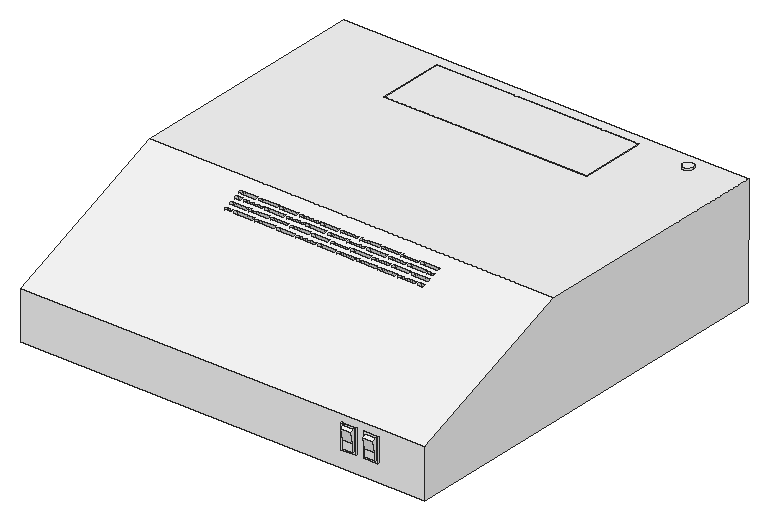
Revit family "QF_Summit_HC20WW_Under Cabinet Convertible Range Hood", category Specialty Equipment, Revit 2020
Family settings
  Round Connector Dimension = Use Diameter
  Part Type = Normal
  Work Plane-Based = No
  Always vertical = Yes
  Cut with Voids When Loaded = No
  Shared = No
  Room Calculation Point = No
Parameters
  Weight in Pounds = 11
  Watts = if(Phase = 3, Volts * FL Amps * 1.73, Volts * FL Amps)  # 195.5 W
  Volts = 115 V
  Ventilation Remarks = "Duct 3.25”x10” Rectangle or 7” Round"
  URL Cutsheet = ""
  Specification by User = ""
  Specification by Manufacturer = ""
  Serial Number = ""
  Seismic Rating = ""
  SMACNA No = ""
  Revision Code = ""
  Phase = 1
  Number of Poles = 1
  NAFEM Spec ID Number = ""
  Model = "HC20WW"
  Min Ckt Ampacity = 0 A
  Max Overcurrent Protection = 0 A
  Masterspec = ""
  Manufacturer = "Summit"
  Length = 20"
  Item Number = ""
  Installed By = ""
  Identify Quantity as Lot = yes
  Height = 5 1/2"
  HP = ""
  Furnished By = ""
  Foodservice Equipment Identifier = yes
  FL Amps = 1.7 A
  Exhaust Volume = 270 CFM
  Exhaust Vent Width = 10"
  Exhaust Vent Diameter = 0"
  Exhaust Vent Depth = 3 1/4"
  Exhaust Static Press = 0.00 in-wg
  Exhaust RI Height = 0"
  Electrical Remarks = ""
  Electric Connection Type = ""
  Elec Conn RI Height = 0"
  Elec Conn Connection Height = 0"
  Description = "Under Cabinet Convertible Range Hood"
  Depth = 20"
  Default Elevation = 0"
  Cycle = 60 Hz
  Conn Plug = ""
  Conn Conduit = yes
  CSI MasterFormat = ""
  Apparent Power = if(Phase = 3, Volts * FL Amps * 1.73, Volts * FL Amps)  # 195.5 VA
Reference planes (in)
  plane 1 "BACK": y = 0
  plane 2: z = 0
  plane 3 "LEFT": x = 0
  plane 4 "RIGHT": x = 20
  plane 5 "FRONT": y = -20
  plane 6 "TOP": z = 5.5
  plane 7 "Center Y": x = 10
  plane 8 "Center X": y = -10
  plane 9: z = 2.375
  plane 10: y = -12
  plane 11: x = 4.375
  plane 12: x = 15.625
  plane 13: x = 17.625
  plane 14: y = -14
  plane 15: x = 1.5
  plane 16: x = 18.5
  plane 17: z = 5.25339
  plane 18: z = 4.76922
  plane 19: y = -0.5
  plane 20: y = -3.75
  plane 21: y = -7.25
  plane 22: x = 5
  plane 23: x = 15
Forms (in)
  Extrusion 1, solid, material "QF_Plastic_White_Smooth"
    sketch origin (0, 0, 0) x (0, 1, 0) y (0, 0, 1)
      loop
        line (-20, 2.375) -> (-20, 0) -> (0, 0) -> (0, 5.5) -> (-12, 5.5) -> (-20, 2.375)
    from 0 to 1.5
  Extrusion 2, solid, material "QF_Plastic_White_Smooth"
    sketch origin (0, 0, 0) x (0, 1, 0) y (0, 0, 1)
      loop
        line (0, 5.5) -> (-12, 5.5) -> (-20, 2.375) -> (-20, 0) -> (-14, 0) -> (-14, 4.18196) -> (-10.81598, 5.42572) -> (-0.5, 5.42572) -> (-0.5, 0) -> (0, 0) -> (0, 5.5)
    from 0 to 20
  Extrusion 3, solid, material "QF_Plastic_White_Smooth"
    sketch origin (23.88, 0, 0) x (0, 1, 0) y (0, 0, -1)
      loop
        line (-20, -2.375) -> (-12, -5.5) -> (0, -5.5) -> (0, 0) -> (-20, 0) -> (-20, -2.375)
    from 3.88 to 5.38
  Extrusion 4, void
    sketch origin (-1.9375, -20, 2.375) x (0, -0.931457, -0.363851) y (-1, 0, 0)
      loop
        line (-7.90626, -7.01362) -> (-7.90626, -7.76633)
        arc (-7.90626, -7.76633) -> (-7.83306, -7.83953) -> (-7.75986, -7.76633) r 0.0732
        line (-7.75986, -7.76633) -> (-7.75986, -7.01362)
        arc (-7.75986, -7.01362) -> (-7.83306, -6.94042) -> (-7.90626, -7.01362) r 0.0732
      loop
        line (-7.59983, -7.01362) -> (-7.59983, -7.24289)
        arc (-7.59983, -7.24289) -> (-7.52663, -7.31609) -> (-7.45343, -7.24289) r 0.0732
        line (-7.45343, -7.24289) -> (-7.45343, -7.01362)
        arc (-7.45343, -7.01362) -> (-7.52663, -6.94042) -> (-7.59983, -7.01362) r 0.0732
      loop
        line (-7.28302, -7.01362) -> (-7.28302, -7.76633)
        arc (-7.28302, -7.76633) -> (-7.20982, -7.83953) -> (-7.13663, -7.76633) r 0.0732
        line (-7.13663, -7.76633) -> (-7.13663, -7.01362)
        arc (-7.13663, -7.01362) -> (-7.20982, -6.94042) -> (-7.28302, -7.01362) r 0.0732
      loop
        line (-6.9465, -7.01362) -> (-6.9465, -7.24289)
        arc (-6.9465, -7.24289) -> (-6.8733, -7.31609) -> (-6.8001, -7.24289) r 0.0732
        line (-6.8001, -7.24289) -> (-6.8001, -7.01362)
        arc (-6.8001, -7.01362) -> (-6.8733, -6.94042) -> (-6.9465, -7.01362) r 0.0732
      loop
        line (-7.90626, -7.96555) -> (-7.90626, -8.82763)
        arc (-7.90626, -8.82763) -> (-7.83306, -8.90083) -> (-7.75986, -8.82763) r 0.0732
        line (-7.75986, -8.82763) -> (-7.75986, -7.96555)
        arc (-7.75986, -7.96555) -> (-7.83306, -7.89235) -> (-7.90626, -7.96555) r 0.0732
      loop
        line (-7.28302, -7.96555) -> (-7.28302, -8.82763)
        arc (-7.28302, -8.82763) -> (-7.20982, -8.90083) -> (-7.13663, -8.82763) r 0.0732
        line (-7.13663, -8.82763) -> (-7.13663, -7.96555)
        arc (-7.13663, -7.96555) -> (-7.20982, -7.89235) -> (-7.28302, -7.96555) r 0.0732
      loop
        line (-7.59983, -7.44954) -> (-7.59983, -8.31162)
        arc (-7.59983, -8.31162) -> (-7.52663, -8.38482) -> (-7.45343, -8.31162) r 0.0732
        line (-7.45343, -8.31162) -> (-7.45343, -7.44954)
        arc (-7.45343, -7.44954) -> (-7.52663, -7.37634) -> (-7.59983, -7.44954) r 0.0732
      loop
        line (-6.94931, -7.44954) -> (-6.94931, -8.31162)
        arc (-6.94931, -8.31162) -> (-6.87611, -8.38482) -> (-6.80291, -8.31162) r 0.0732
        line (-6.80291, -8.31162) -> (-6.80291, -7.44954)
        arc (-6.80291, -7.44954) -> (-6.87611, -7.37634) -> (-6.94931, -7.44954) r 0.0732
      loop
        line (-7.90626, -9.02338) -> (-7.90626, -9.77608)
        arc (-7.90626, -9.77608) -> (-7.83306, -9.84928) -> (-7.75986, -9.77608) r 0.0732
        line (-7.75986, -9.77608) -> (-7.75986, -9.02338)
        arc (-7.75986, -9.02338) -> (-7.83306, -8.95018) -> (-7.90626, -9.02338) r 0.0732
      loop
        line (-7.28302, -9.02338) -> (-7.28302, -9.77608)
        arc (-7.28302, -9.77608) -> (-7.20982, -9.84928) -> (-7.13663, -9.77608) r 0.0732
        line (-7.13663, -9.77608) -> (-7.13663, -9.02338)
        arc (-7.13663, -9.02338) -> (-7.20982, -8.95018) -> (-7.28302, -9.02338) r 0.0732
      loop
        line (-7.59983, -8.50736) -> (-7.59983, -9.36945)
        arc (-7.59983, -9.36945) -> (-7.52663, -9.44265) -> (-7.45343, -9.36945) r 0.0732
        line (-7.45343, -9.36945) -> (-7.45343, -8.50736)
        arc (-7.45343, -8.50736) -> (-7.52663, -8.43417) -> (-7.59983, -8.50736) r 0.0732
      loop
        line (-6.94931, -8.50736) -> (-6.94931, -9.36945)
        arc (-6.94931, -9.36945) -> (-6.87611, -9.44265) -> (-6.80291, -9.36945) r 0.0732
        line (-6.80291, -9.36945) -> (-6.80291, -8.50736)
        arc (-6.80291, -8.50736) -> (-6.87611, -8.43417) -> (-6.94931, -8.50736) r 0.0732
      loop
        line (-7.90626, -9.9968) -> (-7.90626, -10.85888)
        arc (-7.90626, -10.85888) -> (-7.83306, -10.93208) -> (-7.75986, -10.85888) r 0.0732
        line (-7.75986, -10.85888) -> (-7.75986, -9.9968)
        arc (-7.75986, -9.9968) -> (-7.83306, -9.9236) -> (-7.90626, -9.9968) r 0.0732
      loop
        line (-7.28302, -9.9968) -> (-7.28302, -10.85888)
        arc (-7.28302, -10.85888) -> (-7.20982, -10.93208) -> (-7.13663, -10.85888) r 0.0732
        line (-7.13663, -10.85888) -> (-7.13663, -9.9968)
        arc (-7.13663, -9.9968) -> (-7.20982, -9.9236) -> (-7.28302, -9.9968) r 0.0732
      loop
        line (-7.59983, -9.57454) -> (-7.59983, -10.34287)
        arc (-7.59983, -10.34287) -> (-7.52663, -10.41607) -> (-7.45343, -10.34287) r 0.0732
        line (-7.45343, -10.34287) -> (-7.45343, -9.57454)
        arc (-7.45343, -9.57454) -> (-7.52663, -9.50134) -> (-7.59983, -9.57454) r 0.0732
      loop
        line (-6.94931, -9.57454) -> (-6.94931, -10.34287)
        arc (-6.94931, -10.34287) -> (-6.87611, -10.41607) -> (-6.80291, -10.34287) r 0.0732
        line (-6.80291, -10.34287) -> (-6.80291, -9.57454)
        arc (-6.80291, -9.57454) -> (-6.87611, -9.50134) -> (-6.94931, -9.57454) r 0.0732
      loop
        line (-7.90626, -11.05463) -> (-7.90626, -11.80733)
        arc (-7.90626, -11.80733) -> (-7.83306, -11.88053) -> (-7.75986, -11.80733) r 0.0732
        line (-7.75986, -11.80733) -> (-7.75986, -11.05463)
        arc (-7.75986, -11.05463) -> (-7.83306, -10.98143) -> (-7.90626, -11.05463) r 0.0732
      loop
        line (-7.28302, -11.05463) -> (-7.28302, -11.80733)
        arc (-7.28302, -11.80733) -> (-7.20982, -11.88053) -> (-7.13663, -11.80733) r 0.0732
        line (-7.13663, -11.80733) -> (-7.13663, -11.05463)
        arc (-7.13663, -11.05463) -> (-7.20982, -10.98143) -> (-7.28302, -11.05463) r 0.0732
      loop
        line (-7.59983, -10.53861) -> (-7.59983, -11.4007)
        arc (-7.59983, -11.4007) -> (-7.52663, -11.4739) -> (-7.45343, -11.4007) r 0.0732
        line (-7.45343, -11.4007) -> (-7.45343, -10.53861)
        arc (-7.45343, -10.53861) -> (-7.52663, -10.46542) -> (-7.59983, -10.53861) r 0.0732
      loop
        line (-6.94931, -10.53861) -> (-6.94931, -11.4007)
        arc (-6.94931, -11.4007) -> (-6.87611, -11.4739) -> (-6.80291, -11.4007) r 0.0732
        line (-6.80291, -11.4007) -> (-6.80291, -10.53861)
        arc (-6.80291, -10.53861) -> (-6.87611, -10.46542) -> (-6.94931, -10.53861) r 0.0732
      loop
        line (-7.90626, -12.02338) -> (-7.90626, -12.77608)
        arc (-7.90626, -12.77608) -> (-7.83306, -12.84928) -> (-7.75986, -12.77608) r 0.0732
        line (-7.75986, -12.77608) -> (-7.75986, -12.02338)
        arc (-7.75986, -12.02338) -> (-7.83306, -11.95018) -> (-7.90626, -12.02338) r 0.0732
      loop
        line (-7.28302, -12.02338) -> (-7.28302, -12.77608)
        arc (-7.28302, -12.77608) -> (-7.20982, -12.84928) -> (-7.13663, -12.77608) r 0.0732
        line (-7.13663, -12.77608) -> (-7.13663, -12.02338)
        arc (-7.13663, -12.02338) -> (-7.20982, -11.95018) -> (-7.28302, -12.02338) r 0.0732
      loop
        line (-7.59983, -11.61674) -> (-7.59983, -12.36945)
        arc (-7.59983, -12.36945) -> (-7.52663, -12.44265) -> (-7.45343, -12.36945) r 0.0732
        line (-7.45343, -12.36945) -> (-7.45343, -11.61674)
        arc (-7.45343, -11.61674) -> (-7.52663, -11.54354) -> (-7.59983, -11.61674) r 0.0732
      loop
        line (-6.94931, -11.61674) -> (-6.94931, -12.36945)
        arc (-6.94931, -12.36945) -> (-6.87611, -12.44265) -> (-6.80291, -12.36945) r 0.0732
        line (-6.80291, -12.36945) -> (-6.80291, -11.61674)
        arc (-6.80291, -11.61674) -> (-6.87611, -11.54354) -> (-6.94931, -11.61674) r 0.0732
      loop
        line (-7.90626, -12.9968) -> (-7.90626, -13.85888)
        arc (-7.90626, -13.85888) -> (-7.83306, -13.93208) -> (-7.75986, -13.85888) r 0.0732
        line (-7.75986, -13.85888) -> (-7.75986, -12.9968)
        arc (-7.75986, -12.9968) -> (-7.83306, -12.9236) -> (-7.90626, -12.9968) r 0.0732
      loop
        line (-7.28302, -12.9968) -> (-7.28302, -13.85888)
        arc (-7.28302, -13.85888) -> (-7.20982, -13.93208) -> (-7.13663, -13.85888) r 0.0732
        line (-7.13663, -13.85888) -> (-7.13663, -12.9968)
        arc (-7.13663, -12.9968) -> (-7.20982, -12.9236) -> (-7.28302, -12.9968) r 0.0732
      loop
        line (-7.59983, -12.57454) -> (-7.59983, -13.34287)
        arc (-7.59983, -13.34287) -> (-7.52663, -13.41607) -> (-7.45343, -13.34287) r 0.0732
        line (-7.45343, -13.34287) -> (-7.45343, -12.57454)
        arc (-7.45343, -12.57454) -> (-7.52663, -12.50134) -> (-7.59983, -12.57454) r 0.0732
      loop
        line (-6.94931, -12.57454) -> (-6.94931, -13.34287)
        arc (-6.94931, -13.34287) -> (-6.87611, -13.41607) -> (-6.80291, -13.34287) r 0.0732
        line (-6.80291, -13.34287) -> (-6.80291, -12.57454)
        arc (-6.80291, -12.57454) -> (-6.87611, -12.50134) -> (-6.94931, -12.57454) r 0.0732
      loop
        line (-7.90626, -14.05463) -> (-7.90626, -14.80733)
        arc (-7.90626, -14.80733) -> (-7.83306, -14.88053) -> (-7.75986, -14.80733) r 0.0732
        line (-7.75986, -14.80733) -> (-7.75986, -14.05463)
        arc (-7.75986, -14.05463) -> (-7.83306, -13.98143) -> (-7.90626, -14.05463) r 0.0732
      loop
        line (-7.28302, -14.05463) -> (-7.28302, -14.80733)
        arc (-7.28302, -14.80733) -> (-7.20982, -14.88053) -> (-7.13663, -14.80733) r 0.0732
        line (-7.13663, -14.80733) -> (-7.13663, -14.05463)
        arc (-7.13663, -14.05463) -> (-7.20982, -13.98143) -> (-7.28302, -14.05463) r 0.0732
      loop
        line (-7.59983, -13.53861) -> (-7.59983, -14.4007)
        arc (-7.59983, -14.4007) -> (-7.52663, -14.4739) -> (-7.45343, -14.4007) r 0.0732
        line (-7.45343, -14.4007) -> (-7.45343, -13.53861)
        arc (-7.45343, -13.53861) -> (-7.52663, -13.46542) -> (-7.59983, -13.53861) r 0.0732
      loop
        line (-6.94931, -13.53861) -> (-6.94931, -14.4007)
        arc (-6.94931, -14.4007) -> (-6.87611, -14.4739) -> (-6.80291, -14.4007) r 0.0732
        line (-6.80291, -14.4007) -> (-6.80291, -13.53861)
        arc (-6.80291, -13.53861) -> (-6.87611, -13.46542) -> (-6.94931, -13.53861) r 0.0732
      loop
        line (-7.90626, -15.02338) -> (-7.90626, -15.77608)
        arc (-7.90626, -15.77608) -> (-7.83306, -15.84928) -> (-7.75986, -15.77608) r 0.0732
        line (-7.75986, -15.77608) -> (-7.75986, -15.02338)
        arc (-7.75986, -15.02338) -> (-7.83306, -14.95018) -> (-7.90626, -15.02338) r 0.0732
      loop
        line (-7.28302, -15.02338) -> (-7.28302, -15.77608)
        arc (-7.28302, -15.77608) -> (-7.20982, -15.84928) -> (-7.13663, -15.77608) r 0.0732
        line (-7.13663, -15.77608) -> (-7.13663, -15.02338)
        arc (-7.13663, -15.02338) -> (-7.20982, -14.95018) -> (-7.28302, -15.02338) r 0.0732
      loop
        line (-7.59983, -14.62665) -> (-7.59983, -15.36945)
        arc (-7.59983, -15.36945) -> (-7.52663, -15.44265) -> (-7.45343, -15.36945) r 0.0732
        line (-7.45343, -15.36945) -> (-7.45343, -14.62665)
        arc (-7.45343, -14.62665) -> (-7.52663, -14.55345) -> (-7.59983, -14.62665) r 0.0732
      loop
        line (-6.94931, -14.6001) -> (-6.94931, -15.36945)
        arc (-6.94931, -15.36945) -> (-6.87611, -15.44265) -> (-6.80291, -15.36945) r 0.0732
        line (-6.80291, -15.36945) -> (-6.80291, -14.6001)
        arc (-6.80291, -14.6001) -> (-6.87611, -14.5269) -> (-6.94931, -14.6001) r 0.0732
      loop
        line (-7.59983, -15.57454) -> (-7.59983, -16.34287)
        arc (-7.59983, -16.34287) -> (-7.52663, -16.41607) -> (-7.45343, -16.34287) r 0.0732
        line (-7.45343, -16.34287) -> (-7.45343, -15.57454)
        arc (-7.45343, -15.57454) -> (-7.52663, -15.50134) -> (-7.59983, -15.57454) r 0.0732
      loop
        line (-6.94931, -15.57454) -> (-6.94931, -16.34287)
        arc (-6.94931, -16.34287) -> (-6.87611, -16.41607) -> (-6.80291, -16.34287) r 0.0732
        line (-6.80291, -16.34287) -> (-6.80291, -15.57454)
        arc (-6.80291, -15.57454) -> (-6.87611, -15.50134) -> (-6.94931, -15.57454) r 0.0732
      loop
        line (-7.90626, -15.99213) -> (-7.90626, -16.74483)
        arc (-7.90626, -16.74483) -> (-7.83306, -16.81803) -> (-7.75986, -16.74483) r 0.0732
        line (-7.75986, -16.74483) -> (-7.75986, -15.99213)
        arc (-7.75986, -15.99213) -> (-7.83306, -15.91893) -> (-7.90626, -15.99213) r 0.0732
      loop
        line (-7.28302, -15.99213) -> (-7.28302, -16.74483)
        arc (-7.28302, -16.74483) -> (-7.20982, -16.81803) -> (-7.13663, -16.74483) r 0.0732
        line (-7.13663, -16.74483) -> (-7.13663, -15.99213)
        arc (-7.13663, -15.99213) -> (-7.20982, -15.91893) -> (-7.28302, -15.99213) r 0.0732
      loop
        line (-7.59983, -16.54576) -> (-7.59983, -16.75159)
        arc (-7.59983, -16.75159) -> (-7.52663, -16.82479) -> (-7.45343, -16.75159) r 0.0732
        line (-7.45343, -16.75159) -> (-7.45343, -16.54576)
        arc (-7.45343, -16.54576) -> (-7.52663, -16.47256) -> (-7.59983, -16.54576) r 0.0732
      loop
        line (-6.94931, -16.54576) -> (-6.94931, -16.75159)
        arc (-6.94931, -16.75159) -> (-6.87611, -16.82479) -> (-6.80291, -16.75159) r 0.0732
        line (-6.80291, -16.75159) -> (-6.80291, -16.54576)
        arc (-6.80291, -16.54576) -> (-6.87611, -16.47256) -> (-6.94931, -16.54576) r 0.0732
    from 0 to 0.5
  Extrusion 5, solid, material "QF_Plastic_White_Smooth"
    sketch origin (0, 0, 0) x (1, 0, 0) y (0, 1, 0)
      loop
        arc (6.5, -3.75) -> (10, -7.25) -> (13.5, -3.75) r 3.5
        line (13.5, -3.75) -> (6.5, -3.75)
    from 2.375 to 5.42572
  Extrusion 6, solid, material "QF_Plastic_White_Smooth"
    sketch origin (0, 0, 0) x (1, 0, 0) y (0, 1, 0)
      loop
        line (5, -0.5) -> (5, -3.75) -> (15, -3.75) -> (15, -0.5) -> (5, -0.5)
      loop
        line (5.25, -3.5) -> (14.75, -3.5) -> (14.75, -0.75) -> (5.25, -0.75) -> (5.25, -3.5)
    from 2.375 to 5.42572
  Extrusion 7, solid, material "QF_Plastic_White_Smooth"
    sketch origin (0, 0, 0) x (1, 0, 0) y (0, 1, 0)
      loop
        line (4.375, -0.5) -> (4.375, -14) -> (15.625, -14) -> (15.625, -0.5) -> (4.375, -0.5)
      loop
        line (4.625, -13.75) -> (15.375, -13.75) -> (15.375, -0.75) -> (4.625, -0.75) -> (4.625, -13.75)
    from 2.375 to 5
  Extrusion 8, void
    sketch origin (20, 0, 0) x (0, -1, 0) y (0, 0, 1)
      loop
        line (10.81598, 5.42572) -> (14, 4.18196) -> (14.15581, 4.18196) -> (14.15581, 5.58943) -> (10.81598, 5.58943) -> (10.81598, 5.42572)
    from 4.375 to 15.625
  Extrusion 9, void
    sketch origin (0, 0, 2.375) x (1, 0, 0) y (0, 1, 0)
      loop
        line (15, -3.75) -> (15, -0.5) -> (5, -0.5) -> (5, -3.75) -> (15, -3.75)
    from 3.05072 to 3.125
  Extrusion 10, solid, material "QF_Plastic_White_Smooth"
    sketch origin (-1.94, -12, 5.5) x (0, 1, 0) y (-1, 0, 0)
      loop
        line (8.25, -6.94) -> (8.25, -16.94) -> (11.5, -16.94) -> (11.5, -6.94) -> (8.25, -6.94)
    from 0 to -0.07428
  Extrusion 11, solid, material "QF_Plastic_White_Smooth"
    sketch origin (0, 0, 0) x (1, 0, 0) y (0, 1, 0)
      loop
        circle (17.625, -0.76172) r 0.25
    from 5.5 to 5.57173
  Extrusion 12, solid, material "QF_Plastic_White_Smooth"
    sketch origin (-3.85996, -20, 0.26563) x (0, 0, 1) y (-1, 0, 0)
      loop
        line (1.78125, -21.57157) -> (1.78125, -20.86312) -> (0.59375, -20.86312) -> (0.59375, -21.57157) -> (1.78125, -21.57157)
      loop
        line (1.78125, -20.47782) -> (1.78125, -19.76937) -> (0.59375, -19.76937) -> (0.59375, -20.47782) -> (1.78125, -20.47782)
    from 0 to 0.04539
  Extrusion 13, solid, material "QF_Plastic_White_Smooth"
    sketch origin (20.84816, 0, 0.26563) x (0, 1, 0) y (0, 0, 1)
      loop
        line (-20.04539, 1.70684) -> (-20.22258, 1.62421) -> (-20.09635, 1.07743) -> (-20.09635, 0.69669) -> (-20.04539, 0.69669) -> (-20.04539, 1.70684)
    from -3.74849 to -3.22316
  Extrusion 14, solid, material "QF_Plastic_White_Smooth"
    sketch origin (19.75441, 0, 0.26563) x (0, 1, 0) y (0, 0, 1)
      loop
        line (-20.04539, 1.70684) -> (-20.22258, 1.62421) -> (-20.09635, 1.07743) -> (-20.09635, 0.69669) -> (-20.04539, 0.69669) -> (-20.04539, 1.70684)
    from -3.74849 to -3.22316
Cuts and joins
  Extrusion 4, Extrusion 9 cuts Extrusion 1
  Extrusion 4, Extrusion 9 cuts Extrusion 2
  Extrusion 4, Extrusion 9 cuts Extrusion 3
  Extrusion 9 cuts Extrusion 6
  joined: Extrusion 1, Extrusion 2, Extrusion 3, Extrusion 5, Extrusion 6
  Extrusion 8 cuts Extrusion 7
Lines and regions (in)
  symbolic lines
    curve 1: line (0, 0, 0) -> (0, -20, 0)
    curve 2: line (0, -12, 0) -> (20, -12, 0)
    curve 3: line (20, -20, 0) -> (20, 0, 0)
    curve 4: line (20, 0, 0) -> (0, 0, 0)
    curve 5: line (0, -20, 0) -> (20, -20, 0)
    curve 6: line (5.07362, -12.63566, 0) -> (5.82633, -12.63566, 0)
    curve 7: spline (5.82633, -12.63566, 0) -> (5.84527, -12.63798, 0) -> (5.86293, -12.6448, 0) -> (5.87809, -12.65563, 0) -> (5.88972, -12.66975, 0) -> (5.89703, -12.6862, 0) -> (5.89953, -12.70384, 0) -> (5.89703, -12.72149, 0) -> (5.88972, -12.73793, 0) -> (5.87809, -12.75205, 0) -> (5.86293, -12.76289, 0) -> (5.84527, -12.7697, 0) -> (5.82633, -12.77202, 0)
    curve 8: line (5.82633, -12.77202, 0) -> (5.07362, -12.77202, 0)
    curve 9: spline (5.07362, -12.77202, 0) -> (5.05468, -12.7697, 0) -> (5.03702, -12.76289, 0) -> (5.02186, -12.75205, 0) -> (5.01023, -12.73793, 0) -> (5.00292, -12.72149, 0) -> (5.00042, -12.70384, 0) -> (5.00292, -12.6862, 0) -> (5.01023, -12.66975, 0) -> (5.02186, -12.65563, 0) -> (5.03702, -12.6448, 0) -> (5.05468, -12.63798, 0) -> (5.07362, -12.63566, 0)
    curve 10: spline (5.30289, -12.92108, 0) -> (5.32184, -12.9234, 0) -> (5.33949, -12.93022, 0) -> (5.35465, -12.94105, 0) -> (5.36628, -12.95517, 0) -> (5.3736, -12.97162, 0) -> (5.37609, -12.98926, 0) -> (5.3736, -13.00691, 0) -> (5.36628, -13.02335, 0) -> (5.35465, -13.03747, 0) -> (5.33949, -13.04831, 0) -> (5.32184, -13.05512, 0) -> (5.30289, -13.05744, 0)
    curve 11: line (5.30289, -13.05744, 0) -> (5.07362, -13.05744, 0)
    curve 12: spline (5.07362, -13.05744, 0) -> (5.05468, -13.05512, 0) -> (5.03702, -13.04831, 0) -> (5.02186, -13.03747, 0) -> (5.01023, -13.02335, 0) -> (5.00292, -13.00691, 0) -> (5.00042, -12.98926, 0) -> (5.00292, -12.97162, 0) -> (5.01023, -12.95517, 0) -> (5.02186, -12.94105, 0) -> (5.03702, -12.93022, 0) -> (5.05468, -12.9234, 0) -> (5.07362, -12.92108, 0)
    curve 13: line (5.07362, -12.92108, 0) -> (5.30289, -12.92108, 0)
    curve 14: line (5.07362, -13.21617, 0) -> (5.82633, -13.21617, 0)
    curve 15: spline (5.82633, -13.21617, 0) -> (5.84527, -13.2185, 0) -> (5.86293, -13.22531, 0) -> (5.87809, -13.23614, 0) -> (5.88972, -13.25027, 0) -> (5.89703, -13.26671, 0) -> (5.89953, -13.28436, 0) -> (5.89703, -13.302, 0) -> (5.88972, -13.31845, 0) -> (5.87809, -13.33257, 0) -> (5.86293, -13.3434, 0) -> (5.84527, -13.35021, 0) -> (5.82633, -13.35254, 0)
    curve 16: line (5.82633, -13.35254, 0) -> (5.07362, -13.35254, 0)
    curve 17: spline (5.07362, -13.35254, 0) -> (5.05468, -13.35021, 0) -> (5.03702, -13.3434, 0) -> (5.02186, -13.33257, 0) -> (5.01023, -13.31845, 0) -> (5.00292, -13.302, 0) -> (5.00042, -13.28436, 0) -> (5.00292, -13.26671, 0) -> (5.01023, -13.25027, 0) -> (5.02186, -13.23614, 0) -> (5.03702, -13.22531, 0) -> (5.05468, -13.2185, 0) -> (5.07362, -13.21617, 0)
    curve 18: spline (5.30289, -13.52963, 0) -> (5.32184, -13.53196, 0) -> (5.33949, -13.53877, 0) -> (5.35465, -13.5496, 0) -> (5.36628, -13.56372, 0) -> (5.3736, -13.58017, 0) -> (5.37609, -13.59781, 0) -> (5.3736, -13.61546, 0) -> (5.36628, -13.6319, 0) -> (5.35465, -13.64603, 0) -> (5.33949, -13.65686, 0) -> (5.32184, -13.66367, 0) -> (5.30289, -13.666, 0)
    curve 19: line (5.30289, -13.666, 0) -> (5.07362, -13.666, 0)
    curve 20: spline (5.07362, -13.666, 0) -> (5.05468, -13.66367, 0) -> (5.03702, -13.65686, 0) -> (5.02186, -13.64603, 0) -> (5.01023, -13.6319, 0) -> (5.00292, -13.61546, 0) -> (5.00042, -13.59781, 0) -> (5.00292, -13.58017, 0) -> (5.01023, -13.56372, 0) -> (5.02186, -13.5496, 0) -> (5.03702, -13.53877, 0) -> (5.05468, -13.53196, 0) -> (5.07362, -13.52963, 0)
    curve 21: line (5.07362, -13.52963, 0) -> (5.30289, -13.52963, 0)
    curve 22: line (5.50954, -13.52702, 0) -> (6.37162, -13.52702, 0)
    curve 23: spline (6.37162, -13.52702, 0) -> (6.39056, -13.52934, 0) -> (6.40822, -13.53615, 0) -> (6.42338, -13.54699, 0) -> (6.43501, -13.56111, 0) -> (6.44232, -13.57755, 0) -> (6.44482, -13.5952, 0) -> (6.44232, -13.61285, 0) -> (6.43501, -13.62929, 0) -> (6.42338, -13.64341, 0) -> (6.40822, -13.65425, 0) -> (6.39056, -13.66106, 0) -> (6.37162, -13.66338, 0)
    curve 24: line (6.37162, -13.66338, 0) -> (5.50954, -13.66338, 0)
    curve 25: spline (5.50954, -13.66338, 0) -> (5.49059, -13.66106, 0) -> (5.47294, -13.65425, 0) -> (5.45778, -13.64341, 0) -> (5.44614, -13.62929, 0) -> (5.43883, -13.61285, 0) -> (5.43634, -13.5952, 0) -> (5.43883, -13.57755, 0) -> (5.44614, -13.56111, 0) -> (5.45778, -13.54699, 0) -> (5.47294, -13.53615, 0) -> (5.49059, -13.52934, 0) -> (5.50954, -13.52702, 0)
    curve 26: line (6.37162, -13.05744, 0) -> (5.50954, -13.05744, 0)
    curve 27: spline (5.50954, -13.05744, 0) -> (5.49059, -13.05512, 0) -> (5.47294, -13.04831, 0) -> (5.45778, -13.03747, 0) -> (5.44614, -13.02335, 0) -> (5.43883, -13.00691, 0) -> (5.43634, -12.98926, 0) -> (5.43883, -12.97162, 0) -> (5.44614, -12.95517, 0) -> (5.45778, -12.94105, 0) -> (5.47294, -12.93022, 0) -> (5.49059, -12.9234, 0) -> (5.50954, -12.92108, 0)
    curve 28: line (5.50954, -12.92108, 0) -> (6.37162, -12.92108, 0)
    curve 29: spline (6.37162, -12.92108, 0) -> (6.39056, -12.9234, 0) -> (6.40822, -12.93022, 0) -> (6.42338, -12.94105, 0) -> (6.43501, -12.95517, 0) -> (6.44232, -12.97162, 0) -> (6.44482, -12.98926, 0) -> (6.44232, -13.00691, 0) -> (6.43501, -13.02335, 0) -> (6.42338, -13.03747, 0) -> (6.40822, -13.04831, 0) -> (6.39056, -13.05512, 0) -> (6.37162, -13.05744, 0)
    curve 30: line (6.88763, -12.77202, 0) -> (6.02555, -12.77202, 0)
    curve 31: spline (6.02555, -12.77202, 0) -> (6.0066, -12.7697, 0) -> (5.98895, -12.76289, 0) -> (5.97379, -12.75205, 0) -> (5.96216, -12.73793, 0) -> (5.95484, -12.72149, 0) -> (5.95235, -12.70384, 0) -> (5.95484, -12.6862, 0) -> (5.96216, -12.66975, 0) -> (5.97379, -12.65563, 0) -> (5.98895, -12.6448, 0) -> (6.0066, -12.63798, 0) -> (6.02555, -12.63566, 0)
    curve 32: line (6.02555, -12.63566, 0) -> (6.88763, -12.63566, 0)
    curve 33: spline (6.88763, -12.63566, 0) -> (6.90657, -12.63798, 0) -> (6.92423, -12.6448, 0) -> (6.93939, -12.65563, 0) -> (6.95102, -12.66975, 0) -> (6.95833, -12.6862, 0) -> (6.96083, -12.70384, 0) -> (6.95833, -12.72149, 0) -> (6.95102, -12.73793, 0) -> (6.93939, -12.75205, 0) -> (6.92423, -12.76289, 0) -> (6.90657, -12.7697, 0) -> (6.88763, -12.77202, 0)
    curve 34: line (6.56736, -12.92108, 0) -> (7.42945, -12.92108, 0)
    curve 35: spline (7.42945, -12.92108, 0) -> (7.44839, -12.9234, 0) -> (7.46605, -12.93022, 0) -> (7.48121, -12.94105, 0) -> (7.49284, -12.95517, 0) -> (7.50015, -12.97162, 0) -> (7.50265, -12.98926, 0) -> (7.50015, -13.00691, 0) -> (7.49284, -13.02335, 0) -> (7.48121, -13.03747, 0) -> (7.46605, -13.04831, 0) -> (7.44839, -13.05512, 0) -> (7.42945, -13.05744, 0)
    curve 36: line (7.42945, -13.05744, 0) -> (6.56736, -13.05744, 0)
    curve 37: spline (6.56736, -13.05744, 0) -> (6.54842, -13.05512, 0) -> (6.53076, -13.04831, 0) -> (6.5156, -13.03747, 0) -> (6.50397, -13.02335, 0) -> (6.49666, -13.00691, 0) -> (6.49417, -12.98926, 0) -> (6.49666, -12.97162, 0) -> (6.50397, -12.95517, 0) -> (6.5156, -12.94105, 0) -> (6.53076, -12.93022, 0) -> (6.54842, -12.9234, 0) -> (6.56736, -12.92108, 0)
    curve 38: line (6.02555, -13.21617, 0) -> (6.88763, -13.21617, 0)
    curve 39: spline (6.88763, -13.21617, 0) -> (6.90657, -13.2185, 0) -> (6.92423, -13.22531, 0) -> (6.93939, -13.23614, 0) -> (6.95102, -13.25027, 0) -> (6.95833, -13.26671, 0) -> (6.96083, -13.28436, 0) -> (6.95833, -13.302, 0) -> (6.95102, -13.31845, 0) -> (6.93939, -13.33257, 0) -> (6.92423, -13.3434, 0) -> (6.90657, -13.35021, 0) -> (6.88763, -13.35254, 0)
    curve 40: line (6.88763, -13.35254, 0) -> (6.02555, -13.35254, 0)
    curve 41: spline (6.02555, -13.35254, 0) -> (6.0066, -13.35021, 0) -> (5.98895, -13.3434, 0) -> (5.97379, -13.33257, 0) -> (5.96216, -13.31845, 0) -> (5.95484, -13.302, 0) -> (5.95235, -13.28436, 0) -> (5.95484, -13.26671, 0) -> (5.96216, -13.25027, 0) -> (5.97379, -13.23614, 0) -> (5.98895, -13.22531, 0) -> (6.0066, -13.2185, 0) -> (6.02555, -13.21617, 0)
    curve 42: line (6.56736, -13.52702, 0) -> (7.42945, -13.52702, 0)
    curve 43: spline (7.42945, -13.52702, 0) -> (7.44839, -13.52934, 0) -> (7.46605, -13.53615, 0) -> (7.48121, -13.54699, 0) -> (7.49284, -13.56111, 0) -> (7.50015, -13.57755, 0) -> (7.50265, -13.5952, 0) -> (7.50015, -13.61285, 0) -> (7.49284, -13.62929, 0) -> (7.48121, -13.64341, 0) -> (7.46605, -13.65425, 0) -> (7.44839, -13.66106, 0) -> (7.42945, -13.66338, 0)
    curve 44: line (7.42945, -13.66338, 0) -> (6.56736, -13.66338, 0)
    curve 45: spline (6.56736, -13.66338, 0) -> (6.54842, -13.66106, 0) -> (6.53076, -13.65425, 0) -> (6.5156, -13.64341, 0) -> (6.50397, -13.62929, 0) -> (6.49666, -13.61285, 0) -> (6.49417, -13.5952, 0) -> (6.49666, -13.57755, 0) -> (6.50397, -13.56111, 0) -> (6.5156, -13.54699, 0) -> (6.53076, -13.53615, 0) -> (6.54842, -13.52934, 0) -> (6.56736, -13.52702, 0)
    curve 46: line (7.08338, -13.21617, 0) -> (7.83608, -13.21617, 0)
    curve 47: spline (7.83608, -13.21617, 0) -> (7.85503, -13.2185, 0) -> (7.87268, -13.22531, 0) -> (7.88784, -13.23614, 0) -> (7.89948, -13.25027, 0) -> (7.90679, -13.26671, 0) -> (7.90928, -13.28436, 0) -> (7.90679, -13.302, 0) -> (7.89948, -13.31845, 0) -> (7.88784, -13.33257, 0) -> (7.87268, -13.3434, 0) -> (7.85503, -13.35021, 0) -> (7.83608, -13.35254, 0)
    curve 48: line (7.83608, -13.35254, 0) -> (7.08338, -13.35254, 0)
    curve 49: spline (7.08338, -13.35254, 0) -> (7.06443, -13.35021, 0) -> (7.04678, -13.3434, 0) -> (7.03162, -13.33257, 0) -> (7.01998, -13.31845, 0) -> (7.01267, -13.302, 0) -> (7.01018, -13.28436, 0) -> (7.01267, -13.26671, 0) -> (7.01998, -13.25027, 0) -> (7.03162, -13.23614, 0) -> (7.04678, -13.22531, 0) -> (7.06443, -13.2185, 0) -> (7.08338, -13.21617, 0)
    curve 50: line (7.83608, -12.77202, 0) -> (7.08338, -12.77202, 0)
    curve 51: spline (7.08338, -12.77202, 0) -> (7.06443, -12.7697, 0) -> (7.04678, -12.76289, 0) -> (7.03162, -12.75205, 0) -> (7.01998, -12.73793, 0) -> (7.01267, -12.72149, 0) -> (7.01018, -12.70384, 0) -> (7.01267, -12.6862, 0) -> (7.01998, -12.66975, 0) -> (7.03162, -12.65563, 0) -> (7.04678, -12.6448, 0) -> (7.06443, -12.63798, 0) -> (7.08338, -12.63566, 0)
    curve 52: line (7.08338, -12.63566, 0) -> (7.83608, -12.63566, 0)
    curve 53: spline (7.83608, -12.63566, 0) -> (7.85503, -12.63798, 0) -> (7.87268, -12.6448, 0) -> (7.88784, -12.65563, 0) -> (7.89948, -12.66975, 0) -> (7.90679, -12.6862, 0) -> (7.90928, -12.70384, 0) -> (7.90679, -12.72149, 0) -> (7.89948, -12.73793, 0) -> (7.88784, -12.75205, 0) -> (7.87268, -12.76289, 0) -> (7.85503, -12.7697, 0) -> (7.83608, -12.77202, 0)
    curve 54: line (7.63454, -13.52702, 0) -> (8.40287, -13.52702, 0)
    curve 55: spline (8.40287, -13.52702, 0) -> (8.42181, -13.52934, 0) -> (8.43947, -13.53615, 0) -> (8.45463, -13.54699, 0) -> (8.46626, -13.56111, 0) -> (8.47357, -13.57755, 0) -> (8.47607, -13.5952, 0) -> (8.47357, -13.61285, 0) -> (8.46626, -13.62929, 0) -> (8.45463, -13.64341, 0) -> (8.43947, -13.65425, 0) -> (8.42181, -13.66106, 0) -> (8.40287, -13.66338, 0)
    curve 56: line (8.40287, -13.66338, 0) -> (7.63454, -13.66338, 0)
    curve 57: spline (7.63454, -13.66338, 0) -> (7.61559, -13.66106, 0) -> (7.59794, -13.65425, 0) -> (7.58278, -13.64341, 0) -> (7.57114, -13.62929, 0) -> (7.56383, -13.61285, 0) -> (7.56134, -13.5952, 0) -> (7.56383, -13.57755, 0) -> (7.57114, -13.56111, 0) -> (7.58278, -13.54699, 0) -> (7.59794, -13.53615, 0) -> (7.61559, -13.52934, 0) -> (7.63454, -13.52702, 0)
    curve 58: line (8.40287, -13.05744, 0) -> (7.63454, -13.05744, 0)
    curve 59: spline (7.63454, -13.05744, 0) -> (7.61559, -13.05512, 0) -> (7.59794, -13.04831, 0) -> (7.58278, -13.03747, 0) -> (7.57114, -13.02335, 0) -> (7.56383, -13.00691, 0) -> (7.56134, -12.98926, 0) -> (7.56383, -12.97162, 0) -> (7.57114, -12.95517, 0) -> (7.58278, -12.94105, 0) -> (7.59794, -12.93022, 0) -> (7.61559, -12.9234, 0) -> (7.63454, -12.92108, 0)
    curve 60: line (7.63454, -12.92108, 0) -> (8.40287, -12.92108, 0)
    curve 61: spline (8.40287, -12.92108, 0) -> (8.42181, -12.9234, 0) -> (8.43947, -12.93022, 0) -> (8.45463, -12.94105, 0) -> (8.46626, -12.95517, 0) -> (8.47357, -12.97162, 0) -> (8.47607, -12.98926, 0) -> (8.47357, -13.00691, 0) -> (8.46626, -13.02335, 0) -> (8.45463, -13.03747, 0) -> (8.43947, -13.04831, 0) -> (8.42181, -13.05512, 0) -> (8.40287, -13.05744, 0)
    curve 62: line (8.91888, -12.77202, 0) -> (8.0568, -12.77202, 0)
    curve 63: spline (8.0568, -12.77202, 0) -> (8.03785, -12.7697, 0) -> (8.0202, -12.76289, 0) -> (8.00504, -12.75205, 0) -> (7.99341, -12.73793, 0) -> (7.98609, -12.72149, 0) -> (7.9836, -12.70384, 0) -> (7.98609, -12.6862, 0) -> (7.99341, -12.66975, 0) -> (8.00504, -12.65563, 0) -> (8.0202, -12.6448, 0) -> (8.03785, -12.63798, 0) -> (8.0568, -12.63566, 0)
    curve 64: line (8.0568, -12.63566, 0) -> (8.91888, -12.63566, 0)
    curve 65: spline (8.91888, -12.63566, 0) -> (8.93782, -12.63798, 0) -> (8.95548, -12.6448, 0) -> (8.97064, -12.65563, 0) -> (8.98227, -12.66975, 0) -> (8.98958, -12.6862, 0) -> (8.99208, -12.70384, 0) -> (8.98958, -12.72149, 0) -> (8.98227, -12.73793, 0) -> (8.97064, -12.75205, 0) -> (8.95548, -12.76289, 0) -> (8.93782, -12.7697, 0) -> (8.91888, -12.77202, 0)
    curve 66: line (8.0568, -13.21617, 0) -> (8.91888, -13.21617, 0)
    curve 67: spline (8.91888, -13.21617, 0) -> (8.93782, -13.2185, 0) -> (8.95548, -13.22531, 0) -> (8.97064, -13.23614, 0) -> (8.98227, -13.25027, 0) -> (8.98958, -13.26671, 0) -> (8.99208, -13.28436, 0) -> (8.98958, -13.302, 0) -> (8.98227, -13.31845, 0) -> (8.97064, -13.33257, 0) -> (8.95548, -13.3434, 0) -> (8.93782, -13.35021, 0) -> (8.91888, -13.35254, 0)
    curve 68: line (8.91888, -13.35254, 0) -> (8.0568, -13.35254, 0)
    curve 69: spline (8.0568, -13.35254, 0) -> (8.03785, -13.35021, 0) -> (8.0202, -13.3434, 0) -> (8.00504, -13.33257, 0) -> (7.99341, -13.31845, 0) -> (7.98609, -13.302, 0) -> (7.9836, -13.28436, 0) -> (7.98609, -13.26671, 0) -> (7.99341, -13.25027, 0) -> (8.00504, -13.23614, 0) -> (8.0202, -13.22531, 0) -> (8.03785, -13.2185, 0) -> (8.0568, -13.21617, 0)
    curve 70: line (8.59861, -12.92108, 0) -> (9.4607, -12.92108, 0)
    curve 71: spline (9.4607, -12.92108, 0) -> (9.47964, -12.9234, 0) -> (9.4973, -12.93022, 0) -> (9.51246, -12.94105, 0) -> (9.52409, -12.95517, 0) -> (9.5314, -12.97162, 0) -> (9.5339, -12.98926, 0) -> (9.5314, -13.00691, 0) -> (9.52409, -13.02335, 0) -> (9.51246, -13.03747, 0) -> (9.4973, -13.04831, 0) -> (9.47964, -13.05512, 0) -> (9.4607, -13.05744, 0)
    curve 72: line (9.4607, -13.05744, 0) -> (8.59861, -13.05744, 0)
    curve 73: spline (8.59861, -13.05744, 0) -> (8.57967, -13.05512, 0) -> (8.56201, -13.04831, 0) -> (8.54685, -13.03747, 0) -> (8.53522, -13.02335, 0) -> (8.52791, -13.00691, 0) -> (8.52542, -12.98926, 0) -> (8.52791, -12.97162, 0) -> (8.53522, -12.95517, 0) -> (8.54685, -12.94105, 0) -> (8.56201, -12.93022, 0) -> (8.57967, -12.9234, 0) -> (8.59861, -12.92108, 0)
    curve 74: line (9.86733, -12.77202, 0) -> (9.11463, -12.77202, 0)
    curve 75: spline (9.11463, -12.77202, 0) -> (9.09568, -12.7697, 0) -> (9.07803, -12.76289, 0) -> (9.06287, -12.75205, 0) -> (9.05123, -12.73793, 0) -> (9.04392, -12.72149, 0) -> (9.04143, -12.70384, 0) -> (9.04392, -12.6862, 0) -> (9.05123, -12.66975, 0) -> (9.06287, -12.65563, 0) -> (9.07803, -12.6448, 0) -> (9.09568, -12.63798, 0) -> (9.11463, -12.63566, 0)
    curve 76: line (9.11463, -12.63566, 0) -> (9.86733, -12.63566, 0)
    curve 77: spline (9.86733, -12.63566, 0) -> (9.88628, -12.63798, 0) -> (9.90393, -12.6448, 0) -> (9.91909, -12.65563, 0) -> (9.93073, -12.66975, 0) -> (9.93804, -12.6862, 0) -> (9.94053, -12.70384, 0) -> (9.93804, -12.72149, 0) -> (9.93073, -12.73793, 0) -> (9.91909, -12.75205, 0) -> (9.90393, -12.76289, 0) -> (9.88628, -12.7697, 0) -> (9.86733, -12.77202, 0)
    curve 78: line (9.11463, -13.21617, 0) -> (9.86733, -13.21617, 0)
    curve 79: spline (9.86733, -13.21617, 0) -> (9.88628, -13.2185, 0) -> (9.90393, -13.22531, 0) -> (9.91909, -13.23614, 0) -> (9.93073, -13.25027, 0) -> (9.93804, -13.26671, 0) -> (9.94053, -13.28436, 0) -> (9.93804, -13.302, 0) -> (9.93073, -13.31845, 0) -> (9.91909, -13.33257, 0) -> (9.90393, -13.3434, 0) -> (9.88628, -13.35021, 0) -> (9.86733, -13.35254, 0)
    curve 80: line (9.86733, -13.35254, 0) -> (9.11463, -13.35254, 0)
    curve 81: spline (9.11463, -13.35254, 0) -> (9.09568, -13.35021, 0) -> (9.07803, -13.3434, 0) -> (9.06287, -13.33257, 0) -> (9.05123, -13.31845, 0) -> (9.04392, -13.302, 0) -> (9.04143, -13.28436, 0) -> (9.04392, -13.26671, 0) -> (9.05123, -13.25027, 0) -> (9.06287, -13.23614, 0) -> (9.07803, -13.22531, 0) -> (9.09568, -13.2185, 0) -> (9.11463, -13.21617, 0)
    curve 82: line (8.59861, -13.52702, 0) -> (9.4607, -13.52702, 0)
    curve 83: spline (9.4607, -13.52702, 0) -> (9.47964, -13.52934, 0) -> (9.4973, -13.53615, 0) -> (9.51246, -13.54699, 0) -> (9.52409, -13.56111, 0) -> (9.5314, -13.57755, 0) -> (9.5339, -13.5952, 0) -> (9.5314, -13.61285, 0) -> (9.52409, -13.62929, 0) -> (9.51246, -13.64341, 0) -> (9.4973, -13.65425, 0) -> (9.47964, -13.66106, 0) -> (9.4607, -13.66338, 0)
    curve 84: line (9.4607, -13.66338, 0) -> (8.59861, -13.66338, 0)
    curve 85: spline (8.59861, -13.66338, 0) -> (8.57967, -13.66106, 0) -> (8.56201, -13.65425, 0) -> (8.54685, -13.64341, 0) -> (8.53522, -13.62929, 0) -> (8.52791, -13.61285, 0) -> (8.52542, -13.5952, 0) -> (8.52791, -13.57755, 0) -> (8.53522, -13.56111, 0) -> (8.54685, -13.54699, 0) -> (8.56201, -13.53615, 0) -> (8.57967, -13.52934, 0) -> (8.59861, -13.52702, 0)
    curve 86: line (9.67674, -13.52702, 0) -> (10.42945, -13.52702, 0)
    curve 87: spline (10.42945, -13.52702, 0) -> (10.44839, -13.52934, 0) -> (10.46605, -13.53615, 0) -> (10.48121, -13.54699, 0) -> (10.49284, -13.56111, 0) -> (10.50015, -13.57755, 0) -> (10.50265, -13.5952, 0) -> (10.50015, -13.61285, 0) -> (10.49284, -13.62929, 0) -> (10.48121, -13.64341, 0) -> (10.46605, -13.65425, 0) -> (10.44839, -13.66106, 0) -> (10.42945, -13.66338, 0)
    curve 88: line (10.42945, -13.66338, 0) -> (9.67674, -13.66338, 0)
    curve 89: spline (9.67674, -13.66338, 0) -> (9.65779, -13.66106, 0) -> (9.64014, -13.65425, 0) -> (9.62498, -13.64341, 0) -> (9.61335, -13.62929, 0) -> (9.60603, -13.61285, 0) -> (9.60354, -13.5952, 0) -> (9.60603, -13.57755, 0) -> (9.61335, -13.56111, 0) -> (9.62498, -13.54699, 0) -> (9.64014, -13.53615, 0) -> (9.65779, -13.52934, 0) -> (9.67674, -13.52702, 0)
    curve 90: line (10.08338, -13.21617, 0) -> (10.83608, -13.21617, 0)
    curve 91: spline (10.83608, -13.21617, 0) -> (10.85503, -13.2185, 0) -> (10.87268, -13.22531, 0) -> (10.88784, -13.23614, 0) -> (10.89948, -13.25027, 0) -> (10.90679, -13.26671, 0) -> (10.90928, -13.28436, 0) -> (10.90679, -13.302, 0) -> (10.89948, -13.31845, 0) -> (10.88784, -13.33257, 0) -> (10.87268, -13.3434, 0) -> (10.85503, -13.35021, 0) -> (10.83608, -13.35254, 0)
    curve 92: line (10.83608, -13.35254, 0) -> (10.08338, -13.35254, 0)
    curve 93: spline (10.08338, -13.35254, 0) -> (10.06443, -13.35021, 0) -> (10.04678, -13.3434, 0) -> (10.03162, -13.33257, 0) -> (10.01998, -13.31845, 0) -> (10.01267, -13.302, 0) -> (10.01018, -13.28436, 0) -> (10.01267, -13.26671, 0) -> (10.01998, -13.25027, 0) -> (10.03162, -13.23614, 0) -> (10.04678, -13.22531, 0) -> (10.06443, -13.2185, 0) -> (10.08338, -13.21617, 0)
    curve 94: line (9.67674, -12.92108, 0) -> (10.42945, -12.92108, 0)
    curve 95: spline (10.42945, -12.92108, 0) -> (10.44839, -12.9234, 0) -> (10.46605, -12.93022, 0) -> (10.48121, -12.94105, 0) -> (10.49284, -12.95517, 0) -> (10.50015, -12.97162, 0) -> (10.50265, -12.98926, 0) -> (10.50015, -13.00691, 0) -> (10.49284, -13.02335, 0) -> (10.48121, -13.03747, 0) -> (10.46605, -13.04831, 0) -> (10.44839, -13.05512, 0) -> (10.42945, -13.05744, 0)
    curve 96: line (10.42945, -13.05744, 0) -> (9.67674, -13.05744, 0)
    curve 97: spline (9.67674, -13.05744, 0) -> (9.65779, -13.05512, 0) -> (9.64014, -13.04831, 0) -> (9.62498, -13.03747, 0) -> (9.61335, -13.02335, 0) -> (9.60603, -13.00691, 0) -> (9.60354, -12.98926, 0) -> (9.60603, -12.97162, 0) -> (9.61335, -12.95517, 0) -> (9.62498, -12.94105, 0) -> (9.64014, -12.93022, 0) -> (9.65779, -12.9234, 0) -> (9.67674, -12.92108, 0)
    curve 98: line (10.08338, -12.63566, 0) -> (10.83608, -12.63566, 0)
    curve 99: spline (10.83608, -12.63566, 0) -> (10.85503, -12.63798, 0) -> (10.87268, -12.6448, 0) -> (10.88784, -12.65563, 0) -> (10.89948, -12.66975, 0) -> (10.90679, -12.6862, 0) -> (10.90928, -12.70384, 0) -> (10.90679, -12.72149, 0) -> (10.89948, -12.73793, 0) -> (10.88784, -12.75205, 0) -> (10.87268, -12.76289, 0) -> (10.85503, -12.7697, 0) -> (10.83608, -12.77202, 0)
    curve 100: line (10.83608, -12.77202, 0) -> (10.08338, -12.77202, 0)
    curve 101: spline (10.08338, -12.77202, 0) -> (10.06443, -12.7697, 0) -> (10.04678, -12.76289, 0) -> (10.03162, -12.75205, 0) -> (10.01998, -12.73793, 0) -> (10.01267, -12.72149, 0) -> (10.01018, -12.70384, 0) -> (10.01267, -12.6862, 0) -> (10.01998, -12.66975, 0) -> (10.03162, -12.65563, 0) -> (10.04678, -12.6448, 0) -> (10.06443, -12.63798, 0) -> (10.08338, -12.63566, 0)
    curve 102: line (10.63454, -12.92108, 0) -> (11.40287, -12.92108, 0)
    curve 103: spline (11.40287, -12.92108, 0) -> (11.42181, -12.9234, 0) -> (11.43947, -12.93022, 0) -> (11.45463, -12.94105, 0) -> (11.46626, -12.95517, 0) -> (11.47357, -12.97162, 0) -> (11.47607, -12.98926, 0) -> (11.47357, -13.00691, 0) -> (11.46626, -13.02335, 0) -> (11.45463, -13.03747, 0) -> (11.43947, -13.04831, 0) -> (11.42181, -13.05512, 0) -> (11.40287, -13.05744, 0)
    curve 104: line (11.40287, -13.05744, 0) -> (10.63454, -13.05744, 0)
    curve 105: spline (10.63454, -13.05744, 0) -> (10.61559, -13.05512, 0) -> (10.59794, -13.04831, 0) -> (10.58278, -13.03747, 0) -> (10.57114, -13.02335, 0) -> (10.56383, -13.00691, 0) -> (10.56134, -12.98926, 0) -> (10.56383, -12.97162, 0) -> (10.57114, -12.95517, 0) -> (10.58278, -12.94105, 0) -> (10.59794, -12.93022, 0) -> (10.61559, -12.9234, 0) -> (10.63454, -12.92108, 0)
    curve 106: line (10.63454, -13.52702, 0) -> (11.40287, -13.52702, 0)
    curve 107: spline (11.40287, -13.52702, 0) -> (11.42181, -13.52934, 0) -> (11.43947, -13.53615, 0) -> (11.45463, -13.54699, 0) -> (11.46626, -13.56111, 0) -> (11.47357, -13.57755, 0) -> (11.47607, -13.5952, 0) -> (11.47357, -13.61285, 0) -> (11.46626, -13.62929, 0) -> (11.45463, -13.64341, 0) -> (11.43947, -13.65425, 0) -> (11.42181, -13.66106, 0) -> (11.40287, -13.66338, 0)
    curve 108: line (11.40287, -13.66338, 0) -> (10.63454, -13.66338, 0)
    curve 109: spline (10.63454, -13.66338, 0) -> (10.61559, -13.66106, 0) -> (10.59794, -13.65425, 0) -> (10.58278, -13.64341, 0) -> (10.57114, -13.62929, 0) -> (10.56383, -13.61285, 0) -> (10.56134, -13.5952, 0) -> (10.56383, -13.57755, 0) -> (10.57114, -13.56111, 0) -> (10.58278, -13.54699, 0) -> (10.59794, -13.53615, 0) -> (10.61559, -13.52934, 0) -> (10.63454, -13.52702, 0)
    curve 110: line (11.91888, -13.35254, 0) -> (11.0568, -13.35254, 0)
    curve 111: spline (11.0568, -13.35254, 0) -> (11.03785, -13.35021, 0) -> (11.0202, -13.3434, 0) -> (11.00504, -13.33257, 0) -> (10.99341, -13.31845, 0) -> (10.98609, -13.302, 0) -> (10.9836, -13.28436, 0) -> (10.98609, -13.26671, 0) -> (10.99341, -13.25027, 0) -> (11.00504, -13.23614, 0) -> (11.0202, -13.22531, 0) -> (11.03785, -13.2185, 0) -> (11.0568, -13.21617, 0)
    curve 112: line (11.0568, -13.21617, 0) -> (11.91888, -13.21617, 0)
    curve 113: spline (11.91888, -13.21617, 0) -> (11.93782, -13.2185, 0) -> (11.95548, -13.22531, 0) -> (11.97064, -13.23614, 0) -> (11.98227, -13.25027, 0) -> (11.98958, -13.26671, 0) -> (11.99208, -13.28436, 0) -> (11.98958, -13.302, 0) -> (11.98227, -13.31845, 0) -> (11.97064, -13.33257, 0) -> (11.95548, -13.3434, 0) -> (11.93782, -13.35021, 0) -> (11.91888, -13.35254, 0)
    curve 114: line (11.0568, -12.63566, 0) -> (11.91888, -12.63566, 0)
    curve 115: spline (11.91888, -12.63566, 0) -> (11.93782, -12.63798, 0) -> (11.95548, -12.6448, 0) -> (11.97064, -12.65563, 0) -> (11.98227, -12.66975, 0) -> (11.98958, -12.6862, 0) -> (11.99208, -12.70384, 0) -> (11.98958, -12.72149, 0) -> (11.98227, -12.73793, 0) -> (11.97064, -12.75205, 0) -> (11.95548, -12.76289, 0) -> (11.93782, -12.7697, 0) -> (11.91888, -12.77202, 0)
    curve 116: line (11.91888, -12.77202, 0) -> (11.0568, -12.77202, 0)
    curve 117: spline (11.0568, -12.77202, 0) -> (11.03785, -12.7697, 0) -> (11.0202, -12.76289, 0) -> (11.00504, -12.75205, 0) -> (10.99341, -12.73793, 0) -> (10.98609, -12.72149, 0) -> (10.9836, -12.70384, 0) -> (10.98609, -12.6862, 0) -> (10.99341, -12.66975, 0) -> (11.00504, -12.65563, 0) -> (11.0202, -12.6448, 0) -> (11.03785, -12.63798, 0) -> (11.0568, -12.63566, 0)
    curve 118: line (11.59861, -12.92108, 0) -> (12.4607, -12.92108, 0)
    curve 119: spline (12.4607, -12.92108, 0) -> (12.47964, -12.9234, 0) -> (12.4973, -12.93022, 0) -> (12.51246, -12.94105, 0) -> (12.52409, -12.95517, 0) -> (12.5314, -12.97162, 0) -> (12.5339, -12.98926, 0) -> (12.5314, -13.00691, 0) -> (12.52409, -13.02335, 0) -> (12.51246, -13.03747, 0) -> (12.4973, -13.04831, 0) -> (12.47964, -13.05512, 0) -> (12.4607, -13.05744, 0)
    curve 120: line (12.4607, -13.05744, 0) -> (11.59861, -13.05744, 0)
    curve 121: spline (11.59861, -13.05744, 0) -> (11.57967, -13.05512, 0) -> (11.56201, -13.04831, 0) -> (11.54685, -13.03747, 0) -> (11.53522, -13.02335, 0) -> (11.52791, -13.00691, 0) -> (11.52542, -12.98926, 0) -> (11.52791, -12.97162, 0) -> (11.53522, -12.95517, 0) -> (11.54685, -12.94105, 0) -> (11.56201, -12.93022, 0) -> (11.57967, -12.9234, 0) -> (11.59861, -12.92108, 0)
    curve 122: line (11.59861, -13.52702, 0) -> (12.4607, -13.52702, 0)
    curve 123: spline (12.4607, -13.52702, 0) -> (12.47964, -13.52934, 0) -> (12.4973, -13.53615, 0) -> (12.51246, -13.54699, 0) -> (12.52409, -13.56111, 0) -> (12.5314, -13.57755, 0) -> (12.5339, -13.5952, 0) -> (12.5314, -13.61285, 0) -> (12.52409, -13.62929, 0) -> (12.51246, -13.64341, 0) -> (12.4973, -13.65425, 0) -> (12.47964, -13.66106, 0) -> (12.4607, -13.66338, 0)
    curve 124: line (12.4607, -13.66338, 0) -> (11.59861, -13.66338, 0)
    curve 125: spline (11.59861, -13.66338, 0) -> (11.57967, -13.66106, 0) -> (11.56201, -13.65425, 0) -> (11.54685, -13.64341, 0) -> (11.53522, -13.62929, 0) -> (11.52791, -13.61285, 0) -> (11.52542, -13.5952, 0) -> (11.52791, -13.57755, 0) -> (11.53522, -13.56111, 0) -> (11.54685, -13.54699, 0) -> (11.56201, -13.53615, 0) -> (11.57967, -13.52934, 0) -> (11.59861, -13.52702, 0)
    curve 126: line (12.11463, -13.21617, 0) -> (12.86733, -13.21617, 0)
    curve 127: spline (12.86733, -13.21617, 0) -> (12.88628, -13.2185, 0) -> (12.90393, -13.22531, 0) -> (12.91909, -13.23614, 0) -> (12.93073, -13.25027, 0) -> (12.93804, -13.26671, 0) -> (12.94053, -13.28436, 0) -> (12.93804, -13.302, 0) -> (12.93073, -13.31845, 0) -> (12.91909, -13.33257, 0) -> (12.90393, -13.3434, 0) -> (12.88628, -13.35021, 0) -> (12.86733, -13.35254, 0)
    curve 128: line (12.86733, -13.35254, 0) -> (12.11463, -13.35254, 0)
    curve 129: spline (12.11463, -13.35254, 0) -> (12.09568, -13.35021, 0) -> (12.07803, -13.3434, 0) -> (12.06287, -13.33257, 0) -> (12.05123, -13.31845, 0) -> (12.04392, -13.302, 0) -> (12.04143, -13.28436, 0) -> (12.04392, -13.26671, 0) -> (12.05123, -13.25027, 0) -> (12.06287, -13.23614, 0) -> (12.07803, -13.22531, 0) -> (12.09568, -13.2185, 0) -> (12.11463, -13.21617, 0)
    curve 130: line (12.86733, -12.77202, 0) -> (12.11463, -12.77202, 0)
    curve 131: spline (12.11463, -12.77202, 0) -> (12.09568, -12.7697, 0) -> (12.07803, -12.76289, 0) -> (12.06287, -12.75205, 0) -> (12.05123, -12.73793, 0) -> (12.04392, -12.72149, 0) -> (12.04143, -12.70384, 0) -> (12.04392, -12.6862, 0) -> (12.05123, -12.66975, 0) -> (12.06287, -12.65563, 0) -> (12.07803, -12.6448, 0) -> (12.09568, -12.63798, 0) -> (12.11463, -12.63566, 0)
    curve 132: line (12.11463, -12.63566, 0) -> (12.86733, -12.63566, 0)
    curve 133: spline (12.86733, -12.63566, 0) -> (12.88628, -12.63798, 0) -> (12.90393, -12.6448, 0) -> (12.91909, -12.65563, 0) -> (12.93073, -12.66975, 0) -> (12.93804, -12.6862, 0) -> (12.94053, -12.70384, 0) -> (12.93804, -12.72149, 0) -> (12.93073, -12.73793, 0) -> (12.91909, -12.75205, 0) -> (12.90393, -12.76289, 0) -> (12.88628, -12.7697, 0) -> (12.86733, -12.77202, 0)
    curve 134: line (13.42945, -13.66338, 0) -> (12.6601, -13.66338, 0)
    curve 135: spline (12.6601, -13.66338, 0) -> (12.64115, -13.66106, 0) -> (12.6235, -13.65425, 0) -> (12.60834, -13.64341, 0) -> (12.5967, -13.62929, 0) -> (12.58939, -13.61285, 0) -> (12.5869, -13.5952, 0) -> (12.58939, -13.57755, 0) -> (12.5967, -13.56111, 0) -> (12.60834, -13.54699, 0) -> (12.6235, -13.53615, 0) -> (12.64115, -13.52934, 0) -> (12.6601, -13.52702, 0)
    curve 136: line (12.6601, -13.52702, 0) -> (13.42945, -13.52702, 0)
    curve 137: spline (13.42945, -13.52702, 0) -> (13.44839, -13.52934, 0) -> (13.46605, -13.53615, 0) -> (13.48121, -13.54699, 0) -> (13.49284, -13.56111, 0) -> (13.50015, -13.57755, 0) -> (13.50265, -13.5952, 0) -> (13.50015, -13.61285, 0) -> (13.49284, -13.62929, 0) -> (13.48121, -13.64341, 0) -> (13.46605, -13.65425, 0) -> (13.44839, -13.66106, 0) -> (13.42945, -13.66338, 0)
    curve 138: line (13.42945, -13.05744, 0) -> (12.68665, -13.05744, 0)
    curve 139: spline (12.68665, -13.05744, 0) -> (12.6677, -13.05512, 0) -> (12.65005, -13.04831, 0) -> (12.63489, -13.03747, 0) -> (12.62326, -13.02335, 0) -> (12.61594, -13.00691, 0) -> (12.61345, -12.98926, 0) -> (12.61594, -12.97162, 0) -> (12.62326, -12.95517, 0) -> (12.63489, -12.94105, 0) -> (12.65005, -12.93022, 0) -> (12.6677, -12.9234, 0) -> (12.68665, -12.92108, 0)
    curve 140: line (12.68665, -12.92108, 0) -> (13.42945, -12.92108, 0)
    curve 141: spline (13.42945, -12.92108, 0) -> (13.44839, -12.9234, 0) -> (13.46605, -12.93022, 0) -> (13.48121, -12.94105, 0) -> (13.49284, -12.95517, 0) -> (13.50015, -12.97162, 0) -> (13.50265, -12.98926, 0) -> (13.50015, -13.00691, 0) -> (13.49284, -13.02335, 0) -> (13.48121, -13.03747, 0) -> (13.46605, -13.04831, 0) -> (13.44839, -13.05512, 0) -> (13.42945, -13.05744, 0)
    curve 142: line (13.83608, -12.77202, 0) -> (13.08338, -12.77202, 0)
    curve 143: spline (13.08338, -12.77202, 0) -> (13.06443, -12.7697, 0) -> (13.04678, -12.76289, 0) -> (13.03162, -12.75205, 0) -> (13.01998, -12.73793, 0) -> (13.01267, -12.72149, 0) -> (13.01018, -12.70384, 0) -> (13.01267, -12.6862, 0) -> (13.01998, -12.66975, 0) -> (13.03162, -12.65563, 0) -> (13.04678, -12.6448, 0) -> (13.06443, -12.63798, 0) -> (13.08338, -12.63566, 0)
    curve 144: line (13.08338, -12.63566, 0) -> (13.83608, -12.63566, 0)
    curve 145: spline (13.83608, -12.63566, 0) -> (13.85503, -12.63798, 0) -> (13.87268, -12.6448, 0) -> (13.88784, -12.65563, 0) -> (13.89948, -12.66975, 0) -> (13.90679, -12.6862, 0) -> (13.90928, -12.70384, 0) -> (13.90679, -12.72149, 0) -> (13.89948, -12.73793, 0) -> (13.88784, -12.75205, 0) -> (13.87268, -12.76289, 0) -> (13.85503, -12.7697, 0) -> (13.83608, -12.77202, 0)
    curve 146: line (13.08338, -13.21617, 0) -> (13.83608, -13.21617, 0)
    curve 147: spline (13.83608, -13.21617, 0) -> (13.85503, -13.2185, 0) -> (13.87268, -13.22531, 0) -> (13.88784, -13.23614, 0) -> (13.89948, -13.25027, 0) -> (13.90679, -13.26671, 0) -> (13.90928, -13.28436, 0) -> (13.90679, -13.302, 0) -> (13.89948, -13.31845, 0) -> (13.88784, -13.33257, 0) -> (13.87268, -13.3434, 0) -> (13.85503, -13.35021, 0) -> (13.83608, -13.35254, 0)
    curve 148: line (13.83608, -13.35254, 0) -> (13.08338, -13.35254, 0)
    curve 149: spline (13.08338, -13.35254, 0) -> (13.06443, -13.35021, 0) -> (13.04678, -13.3434, 0) -> (13.03162, -13.33257, 0) -> (13.01998, -13.31845, 0) -> (13.01267, -13.302, 0) -> (13.01018, -13.28436, 0) -> (13.01267, -13.26671, 0) -> (13.01998, -13.25027, 0) -> (13.03162, -13.23614, 0) -> (13.04678, -13.22531, 0) -> (13.06443, -13.2185, 0) -> (13.08338, -13.21617, 0)
    curve 150: line (14.40287, -13.66338, 0) -> (13.63454, -13.66338, 0)
    curve 151: spline (13.63454, -13.66338, 0) -> (13.61559, -13.66106, 0) -> (13.59794, -13.65425, 0) -> (13.58278, -13.64341, 0) -> (13.57114, -13.62929, 0) -> (13.56383, -13.61285, 0) -> (13.56134, -13.5952, 0) -> (13.56383, -13.57755, 0) -> (13.57114, -13.56111, 0) -> (13.58278, -13.54699, 0) -> (13.59794, -13.53615, 0) -> (13.61559, -13.52934, 0) -> (13.63454, -13.52702, 0)
    curve 152: line (13.63454, -13.52702, 0) -> (14.40287, -13.52702, 0)
    curve 153: spline (14.40287, -13.52702, 0) -> (14.42181, -13.52934, 0) -> (14.43947, -13.53615, 0) -> (14.45463, -13.54699, 0) -> (14.46626, -13.56111, 0) -> (14.47357, -13.57755, 0) -> (14.47607, -13.5952, 0) -> (14.47357, -13.61285, 0) -> (14.46626, -13.62929, 0) -> (14.45463, -13.64341, 0) -> (14.43947, -13.65425, 0) -> (14.42181, -13.66106, 0) -> (14.40287, -13.66338, 0)
    curve 154: line (14.40287, -13.05744, 0) -> (13.63454, -13.05744, 0)
